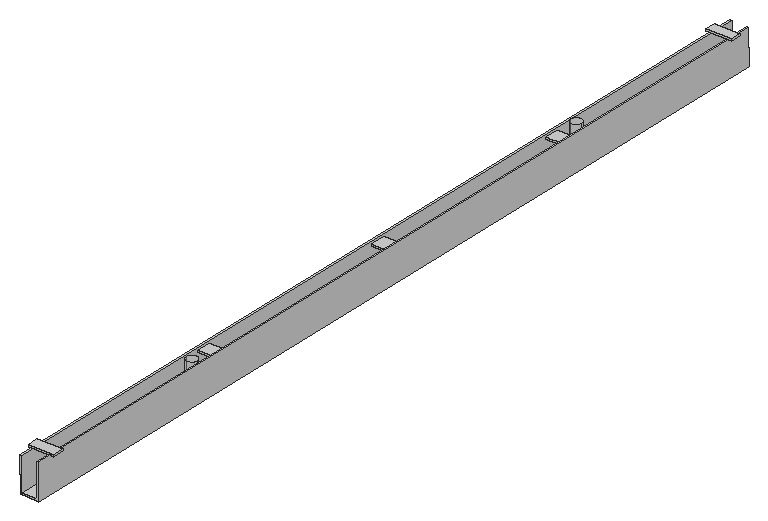
Revit family "ML_ML COMPENSATION 2''x8'_1920050", category Generic Models, Revit 2018
Family settings
  Can host rebar = No
  Round Connector Dimension = Use Diameter
  Part Type = Normal
  OmniClass Number = 35.51.14.00
  OmniClass Title = FORMWORK
  Work Plane-Based = Yes
  Always vertical = No
  Cut with Voids When Loaded = No
  Shared = Yes
  Room Calculation Point = No
Parameters
  VERSION = "20190101"  # constant formula
  URL = "www.ulmaconstruction.com/en"
  UNICLASS = ""
  ITEM_CODE = "1920050"
  Manufacturer = "ULMA CONSTRUCTION"  # constant formula
  FILTER [instance] = ""
  Default Elevation = 0"
  CLASSIFICATION_TITLE = ""
  CLASSIFICATION_NUMBER = ""
Reference planes (in)
  plane 1 "Centro (Frontal/Posterior)": y = 0
  plane 2: z = 0
  plane 3 "Centro (Izquierda/Derecha)": x = 0
  plane 4 "ITEM_HEIGHT": y = 96
  plane 5 "MIDDLE": x = 0.98425
  plane 6 "TIE 1": y = 22
  plane 7 "TIE 2": y = 74
  plane 8 "LATERAL HOLES": z = 1.5
Forms (in)
  Extrusion 1, solid, material "ULMA ZINC", detail levels fine
    sketch origin (0, 0, 0) x (1, 0, 0) y (0, 0, 1)
      loop
        line (0, 3.79921) -> (0, 0) -> (1.9685, 0) -> (1.9685, 3.79921) -> (1.81102, 3.79921) -> (1.81102, 0.15748) -> (0.15748, 0.15748) -> (0.15748, 3.79921) -> (0, 3.79921)
    from -96 to 0
  Extrusion 2, solid, material "ULMA ZINC", detail levels fine
    sketch origin (0, 0, 0) x (1, 0, 0) y (0, 1, 0)
      loop
        line (-0.3937, 2.75532) -> (-0.3937, 1.57422) -> (2.3622, 1.57422) -> (2.3622, 2.75532) -> (-0.3937, 2.75532)
    from 3.79921 to 3.99606
  Extrusion 3, solid, material "ULMA ZINC", detail levels fine
    sketch origin (0, 89, 0) x (1, 0, 0) y (0, 1, 0)
      loop
        line (-0.3937, 5.4252) -> (-0.3937, 4.24409) -> (2.3622, 4.24409) -> (2.3622, 5.4252) -> (-0.3937, 5.4252)
    from 3.79921 to 3.99606
  Extrusion 4, solid, material "ULMA ZINC", detail levels fine
    sketch origin (0, 0, 0) x (1, 0, 0) y (0, 1, 0)
      loop
        line (0.15748, 72.37949) -> (0.15748, 70.80469) -> (1.81102, 70.80469) -> (1.81102, 72.37949) -> (0.15748, 72.37949)
    from 3.44488 to 3.64173
  Extrusion 5, solid, material "ULMA ZINC", detail levels fine
    sketch origin (0, -23.59055, 0) x (1, 0, 0) y (0, 1, 0)
      loop
        line (0.15748, 72.37795) -> (0.15748, 70.80315) -> (1.81102, 70.80315) -> (1.81102, 72.37795) -> (0.15748, 72.37795)
    from 3.44488 to 3.64173
  Extrusion 6, solid, material "ULMA ZINC", detail levels fine
    sketch origin (0, -47.1811, 0) x (1, 0, 0) y (0, 1, 0)
      loop
        line (0.15748, 72.37641) -> (0.15748, 70.80161) -> (1.81102, 70.80161) -> (1.81102, 72.37641) -> (0.15748, 72.37641)
    from 3.44488 to 3.64173
  Extrusion 7, solid, material "ULMA TRANSPARENT WHITE"
    sketch origin (1.73228, 20, 0.15748) x (-1, 0, 0) y (0, -1, 0)
      loop
        circle (0.74803, -2) r 0.61024
    from 0 to 3.64173
  Extrusion 8, solid, material "ULMA TRANSPARENT WHITE"
    sketch origin (1.73228, 40, 0.15748) x (-1, 0, 0) y (0, -1, 0)
      loop
        circle (0.74803, -34) r 0.61024
    from 0 to 3.83858
Lines and regions (in)
  model lines, style "ULMA PANELS", detail levels fine
    curve 1: circle (0, 6, 1.5) r 0.3937 normal (1, 0, 0)
    curve 6: circle (0, 18, 1.5) r 0.3937 normal (1, 0, 0)
    curve 7: circle (0, 30, 1.5) r 0.3937 normal (1, 0, 0)
    curve 8: circle (0, 42, 1.5) r 0.3937 normal (1, 0, 0)
    curve 9: circle (1.9685, 6, 1.5) r 0.3937 normal (1, 0, 0)
    curve 10: circle (1.9685, 18, 1.5) r 0.3937 normal (1, 0, 0)
    curve 11: circle (1.9685, 30, 1.5) r 0.3937 normal (1, 0, 0)
    curve 12: circle (1.9685, 42, 1.5) r 0.3937 normal (1, 0, 0)
    curve 14: circle (0.98425, 22, 0) r 0.61024 normal (0, 0, 1)
    curve 16: circle (0.98425, 22, 0.15748) r 0.61024 normal (0, 0, 1)
    curve 17: circle (0, 54, 1.5) r 0.3937 normal (1, 0, 0)
    curve 18: circle (1.9685, 54, 1.5) r 0.3937 normal (1, 0, 0)
    curve 19: circle (0, 66, 1.5) r 0.3937 normal (1, 0, 0)
    curve 20: circle (1.9685, 66, 1.5) r 0.3937 normal (1, 0, 0)
    curve 21: circle (0, 78, 1.5) r 0.3937 normal (1, 0, 0)
    curve 22: circle (1.9685, 78, 1.5) r 0.3937 normal (1, 0, 0)
    curve 23: circle (0, 90, 1.5) r 0.3937 normal (1, 0, 0)
    curve 24: circle (1.9685, 90, 1.5) r 0.3937 normal (1, 0, 0)
  model lines, style "ULMA PANELS", detail levels medium
    curve 2: line (0, 96, 0) -> (1.9685, 96, 0)
    curve 3: line (1.9685, 96, 0) -> (1.9685, 0, 0)
    curve 4: line (1.9685, 0, 0) -> (0, 0, 0)
    curve 5: line (0, 0, 0) -> (0, 96, 0)
  model lines, detail levels fine
    curve 13: circle (0.98425, 74, 0) r 0.61024 normal (0, 0, 1)
    curve 15: circle (0.98425, 74, 0.15748) r 0.61024 normal (0, 0, 1)
Dimensions and locks (in)
  plane 1 "Centro (Frontal/Posterior)" to plane 4 "ITEM_HEIGHT" = 96"
  locked: curve 1 to plane 1 "Centro (Frontal/Posterior)" at 6
  locked: Extrusion 2 sketch curve to Extrusion 2 sketch curve at 1.1811
  locked: Extrusion 3 sketch curve to Extrusion 3 sketch curve at 1.1811
  locked: Extrusion 4 sketch curve to Extrusion 4 sketch curve at 1.5748
  locked: Extrusion 5 sketch curve to Extrusion 5 sketch curve at 1.5748
  Extrusion 5 sketch curve to Extrusion 5 sketch curve = 1.5748"
  locked: Extrusion 6 sketch curve to Extrusion 6 sketch curve at 1.5748
  locked: plane 8 "LATERAL HOLES" to plane 2 at 1.5
  aligned and locked: level to plane 2
  aligned and locked: plane 4 "ITEM_HEIGHT" to Extrusion 1
